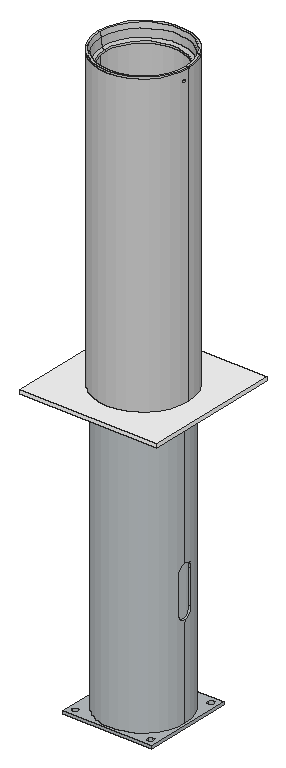
Revit family "BE_84623_de_DE", category Leuchten, Revit 2015
Parameters (values of type "BEGA_84623_Silber")
  Default Elevation = 0 mm
  Umgebungstemperatur = ""
  URL = "http://www.bega.de/produkt/84623"
  Typenkommentare = "© 2016 BEGA. Wir behalten uns das Recht vor, technische Änderungen ohne vorherige Ankündigung vorzunehmen."  # constant formula
  Typenbild = 84623.png
  Spannung = 0 V
  Sonderanfertigung = no
  Seriennummer [instance] = "Hier können Sie die eindeutige Seriennummer für das Facility Management eintragen."
  Schutzklasse = ""
  Schutzart = ""
  Scheinlast = 0 VA
  Produktdatenblatt = "http://www.bega.de/download/Xrfa/db/84623.db.de.pdf"
  Oberflächentemperatur = ""
  Modell = "84623A"
  Material_17 = BEGA_Reflektor
  Material_15 = BEGA_Leuchtmedium_matt
  Material_11 = BEGA_Glas_opal
  Material_09 = BEGA_Glas_klar
  Material_08 = BEGA_Oberfläche_Stahl_verzinkt
  Material_06 = BEGA_Oberfläche_Edelstahl_gebürstet
  Material_03 = BEGA_Oberfläche_Weiss_matt
  Material_02 = BEGA_Oberfläche_Silber_matt
  Material_01 [instance] = BEGA_Oberfläche_Grafit_matt
  M_G = no
  M_A = yes
  Logo = 0
  Leuchtenanzahl = ""
  Lastklassifizierung = Beleuchtung
  Hersteller = "BEGA"  # constant formula
  Halbstreuwinkel = ""
  Gewicht = "63.8 kg"
  Gebrauchslageneinschränkung [instance] = ""
  Energieeffizienzklasse = ""
  Einbauöffnung = "265 mm"
  ENEC = ""
  Dimmbar [instance] = ""
  CE_Konformität = "ja"
  Bestellnummer = "84623A"
  Beschreibung_Sonderanfertigung = "Hier können Sie Informationen zur Sonderanfertigung eintragen."
  Beschreibung = "Pollerleuchtenrohr"
  Ballwurfsicher = ""
  BEGA_Intern_aus = yes
  BEGA_Intern_an = yes
  BEGA_Intern_Konstruktion = yes
  BEGA_Intern = yes
  BEGA_IES = yes
  BEGA_Dummy = no
  Anschlussleitung = ""
  Aktualisierung = "2016-11-29T04:15:01"
  Abstand_zur_angestrahlten_Fläche [instance] = ""
Types (2, lengths in mm): name | Modell | M_G | M_A | Bestellnummer
  BEGA_84623_Silber | "84623A" | no | yes | "84623A"
  BEGA_84623_Grafit | "84623" | yes | no | "84623"
Reference planes
  plane 1 "Mitte (Vorne/Hinten)": y = 0
  plane 2: z = 0
  plane 3 "Mitte (Links/Rechts)": x = 0
  plane 4 "Links": x = -132
  plane 5 "Rechts": x = 132
  plane 6 "Unten": y = -132
  plane 7 "Oben": y = 132
  plane 8 "Vorne": z = 874.5
  plane 9 "Hinten": z = -850
Forms (mm)
  Extrusion 1, solid, material "BEGA_Platte_Weiss"
    sketch origin (0, -1119.2, 0) x (1, 0, 0) y (0, 1, 0)
      loop
        line (-200, 1319.2) -> (-200, 919.2) -> (200, 919.2) -> (200, 1319.2) -> (-200, 1319.2)
    from 0 to -10
  Extrusion 2, solid, material "BEGA_Dummy_matt", visible <- "BEGA_Dummy"
    sketch origin (77.149, -76.023, 0) x (1, 0, 0) y (0, 1, 0)
      loop
        circle (-77.149, 76.023) r 132
    from 0 to 874.5
Dimensions and locks
  plane 1 "Mitte (Vorne/Hinten)" to Extrusion 1 = 200 mm
  aligned and locked: plane 2 to Extrusion 1
  aligned and locked: level to Extrusion 1
Nested families
  nested 1: "BE_84623" at (0, 0, 0), type "BE_84623"
Connectors
  electrical at (0, 0, 0), driven by "Lastklassifizierung", driven by "Spannung", driven by "Scheinlast"
    settings: index 1, voltage 0 V, apparent load 0 VA, apparent load phase1 0 VA, apparent load phase2 0 VA, apparent load phase3 0 VA, power factor 1, load classification "Beleuchtung", number of poles 1, system type 31, power factor state 1, is connector primary yes, connector utility no, sub classification motor no, connector description ""
Definition of nested family "BE_84623"
  Parameters (values of type "BE_84623")
    Default Elevation = 1 mm
    URL = "http://www.bega.de/de/produkt"
    Type Comments = "© 2015 BEGA. Wir behalten uns das Recht vor, technische Änderungen ohne vorherige Ankündigung vorzunehmen. "  # constant formula
    Type Image = (empty or 0)
    Material_18 = none
    Material_17 = none
    Material_15 = none
    Material_11 = none
    Material_09 = none
    Material_08 = none
    Material_06 = none
    Material_03 = none
    Material_02 = none
    Material_01 = none
    M_W = yes
    M_G = yes
    M_A = yes
    Länge_Platte = 300 mm  # constant formula
    Höhe_Platte = -10 mm  # constant formula
    Manufacturer = "BEGA"  # constant formula
    Breite_Platte = 300 mm  # constant formula
  Reference planes
    plane 1 "Mitte (Oben/Unten)": y = 0
    plane 2: z = 0
    plane 3 "Mitte (Links/Rechts)": x = 0
    plane 4: x = -132
    plane 5: z = -850
    plane 6: z = 874.5
    plane 7: x = 132
    plane 8: y = 132
    plane 9: y = -132
  Forms (mm)
    Extrusion 1, solid, detail levels medium
      sketch origin (0, 0, 0) x (1, 0, 0) y (0, 1, 0)
        loop
          line (-150, 150) -> (-150, -150) -> (150, -150) -> (150, 150) -> (-150, 150)
      from 0 to -10 <- "Höhe_Platte"
    Extrusion 2, solid, material <- "Material_08", detail levels medium+fine
      sketch origin (0, 0, 0) x (1, 0, 0) y (0, 0, 1)
        loop
          line (-130, -844) -> (-130, -850) -> (130, -850) -> (130, -844) -> (-130, -844)
      from -130 to 130
    Extrusion 3, void
      sketch origin (0, 0, 0) x (1, 0, 0) y (0, 1, 0)
        loop
          circle (-110, 110) r 9
        loop
          circle (110, 110) r 9
        loop
          circle (110, -110) r 9
        loop
          circle (-110, -110) r 9
        loop
          circle (0, 0) r 116.35
      from -835.126 to -852.001
    Revolve 4, solid, material <- "Material_08", detail levels medium+fine
      sketch origin (0, 0, 0) x (1, 0, 0) y (0, 0, 1)
        loop
          line (-115.95, 624) -> (-122.25, 624) -> (-122.25, -844) -> (-115.95, -844) -> (-115.95, 624)
        axis (0, 624) -> (0, -844)
      angle from 0 to 360
    Revolve 5, solid, material <- "Material_01", visible <- "M_G", detail levels medium+fine
      sketch origin (0, 0, 0) x (1, 0, 0) y (0, 0, 1)
        loop
          line (-128, 0) -> (-128, 870) -> (-132, 870) -> (-132, 0) -> (-128, 0)
        axis (0, 870) -> (0, 0)
      angle from 0 to 360
    Revolve 6, solid, material <- "Material_01", visible <- "M_G", detail levels medium+fine
      sketch origin (0, 0, 0) x (1, 0, 0) y (0, 0, 1)
        loop
          line (-132, 870) -> (-128, 870) -> (-128, 827.2) -> (-111.5, 827.2) -> (-111.678, 832.287) -> (-122.105, 836.082) -> (-123.014, 859.265) -> (-125.7, 874.5) -> (-132, 874.5) -> (-132, 870)
        axis (0, 874.5) -> (0, 827.2)
      angle from 0 to 360
    Extrusion 7, void
      sketch origin (0, 0, 0) x (0, 1, 0) y (0, 0, 1)
        loop
          line (-25, -450) -> (-25, -550)
          arc (-25, -550) -> (0, -575) -> (25, -550) r 25
          line (25, -550) -> (25, -450)
          arc (25, -450) -> (0, -425) -> (-25, -450) r 25
      from -133.135 to 130.594
    Revolve 8, void
      sketch origin (0, 0, 844.5) x (1, 0, 0) y (0, 1, 0)
        loop
          line (131.755, -14.034) -> (129.126, -13.688) -> (128.697, -16.943) -> (131.327, -17.29) -> (131.755, -14.034)
        axis (128.697, -16.943) -> (131.327, -17.29)
      angle from 0 to 360
    Revolve 9, solid, material <- "Material_06", detail levels fine
      sketch origin (0, 0, 844.502) x (1, 0, 0) y (0, 1, 0)
        loop
          line (132.257, -14.363) -> (129.082, -14.018) -> (128.697, -16.943) -> (131.862, -17.36) -> (132.257, -14.363)
        axis (128.697, -16.943) -> (131.862, -17.36)
      angle from 0 to 360
    Revolve 10, solid, material <- "Material_02", visible <- "M_A", detail levels medium+fine
      sketch origin (0, 0, 0) x (1, 0, 0) y (0, 0, 1)
        loop
          line (-128, 0) -> (-128, 870) -> (-132, 870) -> (-132, 0) -> (-128, 0)
        axis (0, 870) -> (0, 0)
      angle from 0 to 360
    Revolve 11, solid, material <- "Material_02", visible <- "M_A", detail levels medium+fine
      sketch origin (0, 0, 0) x (1, 0, 0) y (0, 0, 1)
        loop
          line (-132, 870) -> (-128, 870) -> (-128, 827.2) -> (-111.5, 827.2) -> (-111.678, 832.287) -> (-122.105, 836.082) -> (-123.014, 859.265) -> (-125.7, 874.5) -> (-132, 874.5) -> (-132, 870)
        axis (0, 874.5) -> (0, 827.2)
      angle from 0 to 360
  Cuts and joins
    Extrusion 3, Extrusion 7 cuts Extrusion 2
    Extrusion 7 cuts Revolve 4
    joined: Extrusion 2, Revolve 4
    Revolve 8 cuts Revolve 5
    Revolve 8 cuts Revolve 10
  Dimensions and locks
    equal spacing: Extrusion 1 sketch curve, plane 3 "Mitte (Links/Rechts)", Extrusion 1 sketch curve
    equal spacing: Extrusion 1 sketch curve, plane 1 "Mitte (Oben/Unten)", Extrusion 1 sketch curve
    "Länge_Platte": Extrusion 1 sketch curve to Extrusion 1 sketch curve
    "Breite_Platte": Extrusion 1 sketch curve to Extrusion 1 sketch curve
    aligned and locked: Extrusion 1 to plane 2
    aligned and locked: level to Extrusion 1
  Automatic sketch dimensions
    Extrusion 2 sketch curve to plane 3 "Mitte (Links/Rechts)" = 130 mm
    plane 3 "Mitte (Links/Rechts)" to Extrusion 2 sketch curve = 130 mm
    Extrusion 2 sketch curve to level = 850 mm
    Extrusion 2 sketch curve to Extrusion 2 sketch curve = 6 mm
    plane 1 "Mitte (Oben/Unten)" to Extrusion 3 sketch curve = 0 mm
    Extrusion 3 sketch curve to plane 3 "Mitte (Links/Rechts)" = 0 mm
    Extrusion 3 sketch curve to plane 3 "Mitte (Links/Rechts)" = 110 mm  (x2)
    plane 3 "Mitte (Links/Rechts)" to Extrusion 3 sketch curve = 110 mm  (x2)
    plane 1 "Mitte (Oben/Unten)" to Extrusion 3 sketch curve = 110 mm  (x2)
    Extrusion 3 sketch curve to plane 1 "Mitte (Oben/Unten)" = 110 mm  (x2)
    Revolve 4 sketch curve to plane 3 "Mitte (Links/Rechts)" = 0 mm
    Revolve 4 sketch curve to plane 3 "Mitte (Links/Rechts)" = 115.95 mm
    Revolve 4 sketch curve to Revolve 4 sketch curve = 6.3 mm
    Revolve 4 sketch curve to level = 844 mm
    level to Revolve 4 sketch curve = 624 mm
    Revolve 4 sketch curve to Revolve 4 sketch curve = 140 mm
    Revolve 4 sketch curve to Revolve 4 sketch curve = 30 mm
    Revolve 5 sketch curve to level = 0 mm
    Revolve 5 sketch curve to plane 3 "Mitte (Links/Rechts)" = 0 mm
    Revolve 5 sketch curve to plane 3 "Mitte (Links/Rechts)" = 128 mm
    Revolve 5 sketch curve to Revolve 5 sketch curve = 4 mm
    Revolve 5 sketch curve to Revolve 5 sketch curve = 870 mm
    Revolve 5 sketch curve to Revolve 5 sketch curve = 155 mm
    Revolve 5 sketch curve to Revolve 5 sketch curve = 35 mm
    Revolve 6 sketch curve to plane 3 "Mitte (Links/Rechts)" = 0 mm
    Revolve 6 sketch curve to plane 3 "Mitte (Links/Rechts)" = 111.5 mm
    Revolve 6 sketch curve to Revolve 6 sketch curve = 0.178 mm
    Revolve 6 sketch curve to Revolve 6 sketch curve = 11.336 mm
    Revolve 6 sketch curve to Revolve 6 sketch curve = 2.686 mm
    Revolve 6 sketch curve to Revolve 6 sketch curve = 2.3 mm
    Revolve 6 sketch curve to Revolve 6 sketch curve = 4 mm
    level to Revolve 6 sketch curve = 827.2 mm
    Revolve 6 sketch curve to Revolve 6 sketch curve = 5.087 mm
    Revolve 6 sketch curve to Revolve 6 sketch curve = 26.978 mm
    Revolve 6 sketch curve to Revolve 6 sketch curve = 10.735 mm
    Revolve 6 sketch curve to Revolve 6 sketch curve = 4.5 mm
    Revolve 6 sketch curve to Revolve 6 sketch curve = 10.427 mm
    Revolve 6 sketch curve to Revolve 6 sketch curve = 15 mm
    Revolve 6 sketch curve to Revolve 6 sketch curve = 3.795 mm
    Revolve 6 sketch curve to Revolve 6 sketch curve = 35 mm
    Extrusion 7 sketch curve to Extrusion 7 sketch curve = 25 mm
    Extrusion 7 sketch curve to level = 450 mm
    Extrusion 7 sketch curve to Extrusion 7 sketch curve = 100 mm
    Extrusion 7 sketch curve to plane 1 "Mitte (Oben/Unten)" = 0 mm
    plane 1 "Mitte (Oben/Unten)" to Revolve 8 sketch curve = 16.943 mm  (x2)
    plane 3 "Mitte (Links/Rechts)" to Revolve 8 sketch curve = 128.697 mm
    plane 1 "Mitte (Oben/Unten)" to Revolve 8 sketch curve = 13.688 mm
    Revolve 8 sketch curve to Revolve 8 sketch curve = 0.429 mm
    plane 1 "Mitte (Oben/Unten)" to Revolve 8 sketch curve = 17.29 mm  (x2)
    Revolve 8 sketch curve to Revolve 8 sketch curve = 0 mm  (x2)
    plane 1 "Mitte (Oben/Unten)" to Revolve 9 sketch curve = 16.943 mm  (x2)
    plane 3 "Mitte (Links/Rechts)" to Revolve 9 sketch curve = 128.697 mm
    plane 1 "Mitte (Oben/Unten)" to Revolve 9 sketch curve = 14.018 mm
    Revolve 9 sketch curve to Revolve 9 sketch curve = 0.385 mm
    plane 1 "Mitte (Oben/Unten)" to Revolve 9 sketch curve = 17.36 mm  (x2)
    Revolve 9 sketch curve to Revolve 9 sketch curve = 3.165 mm
    plane 1 "Mitte (Oben/Unten)" to Revolve 9 sketch curve = 14.363 mm
    Revolve 9 sketch curve to Revolve 9 sketch curve = 0.395 mm
    Revolve 9 sketch curve to Revolve 9 sketch curve = 0 mm  (x2)
    Revolve 10 sketch curve to level = 0 mm
    Revolve 10 sketch curve to plane 3 "Mitte (Links/Rechts)" = 0 mm
    Revolve 10 sketch curve to plane 3 "Mitte (Links/Rechts)" = 128 mm
    Revolve 10 sketch curve to Revolve 10 sketch curve = 4 mm
    Revolve 10 sketch curve to Revolve 10 sketch curve = 870 mm
    Revolve 10 sketch curve to Revolve 10 sketch curve = 155 mm
    Revolve 10 sketch curve to Revolve 10 sketch curve = 35 mm
    Revolve 11 sketch curve to plane 3 "Mitte (Links/Rechts)" = 0 mm
    Revolve 11 sketch curve to plane 3 "Mitte (Links/Rechts)" = 111.5 mm
    Revolve 11 sketch curve to Revolve 11 sketch curve = 0.178 mm
    Revolve 11 sketch curve to Revolve 11 sketch curve = 10.427 mm
    Revolve 11 sketch curve to Revolve 11 sketch curve = 0.909 mm
    Revolve 11 sketch curve to Revolve 11 sketch curve = 2.686 mm
    Revolve 11 sketch curve to Revolve 11 sketch curve = 2.3 mm
    Revolve 11 sketch curve to Revolve 11 sketch curve = 4 mm
    level to Revolve 11 sketch curve = 827.2 mm
    Revolve 11 sketch curve to Revolve 11 sketch curve = 5.087 mm
    Revolve 11 sketch curve to Revolve 11 sketch curve = 8.882 mm
    Revolve 11 sketch curve to Revolve 11 sketch curve = 23.183 mm
    Revolve 11 sketch curve to Revolve 11 sketch curve = 10.735 mm
    Revolve 11 sketch curve to Revolve 11 sketch curve = 4.5 mm
    Revolve 11 sketch curve to Revolve 11 sketch curve = 15 mm
    Revolve 11 sketch curve to Revolve 11 sketch curve = 35 mm
    radius of Extrusion 3 sketch curve = 9 mm  (x4)
    radius of Extrusion 3 sketch curve = 116.35 mm
